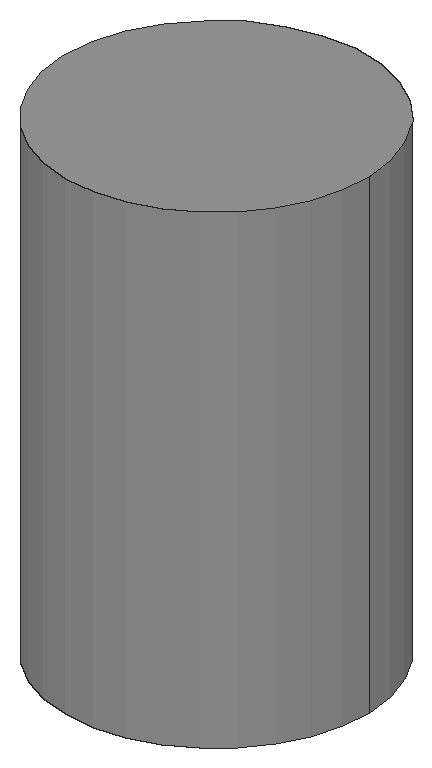
Revit family "AVLN_Аквадистилятор", category Мебель, Revit 2019
Family settings
  Номер OmniClass = 23.40.20.00
  Заголовок OmniClass = General Furniture and Specialties
  На основе рабочей плоскости = Нет
  Всегда вертикально = Да
  При загрузке вырезать с полостями = Нет
  Общий = Нет
  Точка расчета площади = Нет
Parameters (values of type "Аквадистилятор 230*230*360")
  Описание = "Аквадистилятор 220В, 0,8 кВТ 230*230*360"
  М.основы = Металл, окрашенный, белый, матовый
  Type Comments = ""
  Keynote = ""
  Manufacturer = ""
  Группа модели = "Оборудование поликлиники"
  ADSK_Размер_Ширина = ADSK_Размер_Длина  # 230 mm
  ADSK_Размер_Длина = 230 mm
  ADSK_Размер_Диаметр = ADSK_Размер_Длина  # 230 mm
  ADSK_Размер_Высота = 360 mm
  ADSK_Примечание [instance] = ""
  ADSK_Обозначение = ""
  ADSK_Наименование = "Аквадистилятор 220В, 0,8 кВТ 230*230*360"
  ADSK_Масса = 0
  ADSK_Марка = ""
  ADSK_Код изделия = ""
  ADSK_Единица измерения = "шт"  # constant formula
Reference planes
  plane 1 "По центру (Вперед/Назад)": y = 0
  plane 2: z = 0
  plane 3 "По центру (Влево/Вправо)": x = 0
  plane 4: z = 360
  plane 5: y = 115
  plane 6: x = 115
  plane 7: x = -115
  plane 8: y = -115
  plane 9: y = -85
Forms (mm)
  Extrusion 1, solid, material "Металл, окрашенный, белый, матовый" <- "М.основы"
    sketch origin (0, -518.993, 592.976) x (-1, 0, 0) y (0, -1, 0)
      loop
        circle (0, -518.993) r 115
    from -592.976 to -232.976
Dimensions and locks
  plane 2 to plane 4 = 360 mm
  equal spacing: plane 8, plane 1 "По центру (Вперед/Назад)", plane 5
  equal spacing: plane 7, plane 3 "По центру (Влево/Вправо)", plane 6
  "ADSK_Размер_Длина": plane 7 to plane 6
  "ADSK_Размер_Ширина": plane 5 to plane 8
  "ADSK_Размер_Высота": plane 2 to plane 4
  locked: plane 9 to plane 8 at 30
  "ADSK_Размер_Длина": diameter of Extrusion 1 sketch curve
  aligned and locked: level to plane 2
  aligned and locked: plane 3 "По центру (Влево/Вправо)" to Extrusion 1 sketch curve
  aligned and locked: plane 1 "По центру (Вперед/Назад)" to Extrusion 1 sketch curve
  aligned and locked: Extrusion 1 to plane 2
  aligned and locked: Extrusion 1 to plane 4
